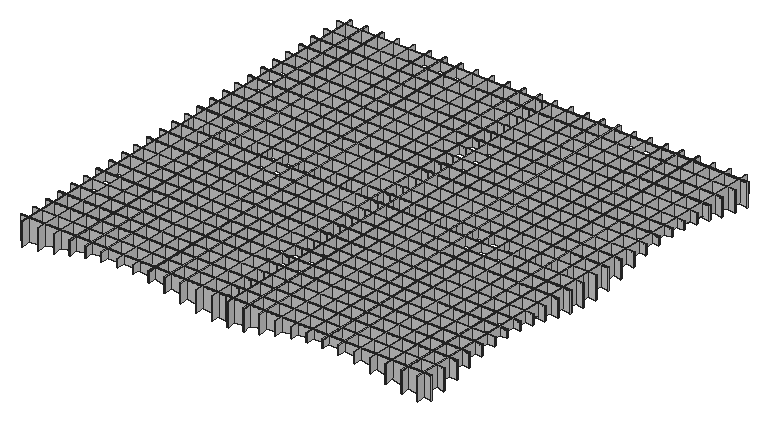
Revit family "CLD-WFL-002_RFA", category Modelos genéricos, Revit 2022 (continued)
Forms (in)
  Extrusion 70, solid, not visible
    sketch origin (0, 33.236, 0) x (1, 0, 0) y (0, 0, 1)
      loop
        spline (37.14578, 2.4093) -> (37.87194, 2.30632) -> (38.59907, 2.20751) -> (39.32723, 2.11315) -> (40.05647, 2.02349) -> (40.78684, 1.93878) -> (41.51831, 1.85902) -> (42.25083, 1.78415) -> (42.98434, 1.71406) -> (43.71879, 1.64869) -> (44.45413, 1.58794) -> (45.19029, 1.53174) -> (45.92722, 1.47999)
        spline (45.92722, 1.47999) -> (46.57816, 1.44092) -> (47.22964, 1.40553) -> (47.88162, 1.37376) -> (48.53404, 1.34552) -> (49.18687, 1.32076) -> (49.84004, 1.2994) -> (50.49352, 1.28136) -> (51.14725, 1.26658) -> (51.80119, 1.25497) -> (52.45529, 1.24648) -> (53.1095, 1.24101) -> (53.76378, 1.23852)
        spline (53.76378, 1.23852) -> (54.49695, 1.24145) -> (55.23005, 1.2477) -> (55.96302, 1.25736) -> (56.69581, 1.2705) -> (57.42836, 1.2872) -> (58.16063, 1.30755) -> (58.89256, 1.33163) -> (59.62409, 1.35951) -> (60.35518, 1.39128) -> (61.08577, 1.42702) -> (61.8158, 1.46681) -> (62.54522, 1.51073)
        spline (62.54522, 1.51073) -> (63.20286, 1.5569) -> (63.85981, 1.60706) -> (64.51602, 1.66127) -> (65.17144, 1.7196) -> (65.82603, 1.78214) -> (66.47973, 1.84896) -> (67.1325, 1.92013) -> (67.78428, 1.99572) -> (68.43505, 2.07573) -> (69.08486, 2.15994) -> (69.73376, 2.24811) -> (70.38178, 2.34001)
        spline (70.38178, 2.34001) -> (71.11719, 2.45082) -> (71.85175, 2.56518) -> (72.58552, 2.6828) -> (73.31856, 2.80343) -> (74.05092, 2.92677) -> (74.78266, 3.05256) -> (75.51384, 3.1805) -> (76.2445, 3.31033) -> (76.97472, 3.44177) -> (77.70454, 3.57454) -> (78.43402, 3.70836) -> (79.16322, 3.84296)
        spline (79.16322, 3.84296) -> (79.81589, 3.96449) -> (80.46845, 4.08604) -> (81.12094, 4.20735) -> (81.77342, 4.32817) -> (82.42595, 4.44826) -> (83.07858, 4.56736) -> (83.73137, 4.68523) -> (84.38439, 4.80161) -> (85.03768, 4.91625) -> (85.6913, 5.02891) -> (86.34531, 5.13933) -> (86.99978, 5.24726)
        spline (86.99978, 5.24726) -> (87.72678, 5.36123) -> (88.45444, 5.47173) -> (89.18283, 5.57848) -> (89.91201, 5.68121) -> (90.64203, 5.77964) -> (91.37298, 5.87351) -> (92.10489, 5.96254) -> (92.83785, 6.04646) -> (93.5719, 6.125) -> (94.30712, 6.19789) -> (95.04356, 6.26486) -> (95.78122, 6.32579)
        spline (95.78122, 6.32579) -> (96.46987, 6.37175) -> (97.15943, 6.41238) -> (97.84985, 6.44778) -> (98.54104, 6.47801) -> (99.23294, 6.50316) -> (99.92548, 6.5233) -> (100.61859, 6.53851) -> (101.3122, 6.54886) -> (102.00624, 6.55445) -> (102.70063, 6.55534) -> (103.39532, 6.55161) -> (104.09022, 6.54334)
        spline (104.09022, 6.54334) -> (104.41609, 6.5372) -> (104.74197, 6.53005) -> (105.06787, 6.52189) -> (105.39376, 6.51274) -> (105.71965, 6.50259) -> (106.04553, 6.49146) -> (106.37138, 6.47935) -> (106.6972, 6.46628) -> (107.02298, 6.45226) -> (107.34871, 6.43729) -> (107.67439, 6.42139) -> (108, 6.40455)
        line (108, 6.40455) -> (108, 11.82144)
    from -0.11811 to 0
  Extrusion 71, solid, not visible
    sketch origin (0, 33.35411, 0) x (1, 0, 0) y (0, 0, 1)
      loop
        line (108, 11.82144) -> (0, 11.82144) -> (0, 6.40455)
        spline (0, 6.40455) -> (0.32561, 6.42139) -> (0.65129, 6.43729) -> (0.97702, 6.45226) -> (1.3028, 6.46628) -> (1.62862, 6.47935) -> (1.95447, 6.49146) -> (2.28035, 6.50259) -> (2.60624, 6.51274) -> (2.93213, 6.52189) -> (3.25803, 6.53005) -> (3.58391, 6.5372) -> (3.90978, 6.54334)
        spline (3.90978, 6.54334) -> (4.64427, 6.55011) -> (5.37852, 6.55208) -> (6.11244, 6.54917) -> (6.84598, 6.5413) -> (7.57905, 6.52839) -> (8.31157, 6.51035) -> (9.04349, 6.4871) -> (9.77471, 6.45856) -> (10.50517, 6.42465) -> (11.23479, 6.38528) -> (11.9635, 6.34038) -> (12.69122, 6.28985)
        spline (12.69122, 6.28985) -> (13.34952, 6.23514) -> (14.00673, 6.17505) -> (14.66285, 6.10968) -> (15.31792, 6.03926) -> (15.97202, 5.96405) -> (16.62518, 5.88427) -> (17.27747, 5.80017) -> (17.92894, 5.712) -> (18.57965, 5.62) -> (19.22966, 5.52441) -> (19.87902, 5.42547) -> (20.52778, 5.32343)
        spline (20.52778, 5.32343) -> (21.26115, 5.20293) -> (21.99402, 5.07965) -> (22.72645, 4.95385) -> (23.4585, 4.82583) -> (24.19025, 4.69586) -> (24.92176, 4.56423) -> (25.65308, 4.43121) -> (26.38429, 4.29709) -> (27.11544, 4.16214) -> (27.84661, 4.02665) -> (28.57785, 3.8909) -> (29.30922, 3.75516)
        spline (29.30922, 3.75516) -> (29.95995, 3.63466) -> (30.61094, 3.51485) -> (31.26223, 3.39599) -> (31.91387, 3.2783) -> (32.56591, 3.16206) -> (33.21841, 3.04749) -> (33.87141, 2.93486) -> (34.52497, 2.8244) -> (35.17914, 2.71637) -> (35.83396, 2.61101) -> (36.48949, 2.50857) -> (37.14578, 2.4093)
        spline (37.14578, 2.4093) -> (37.87194, 2.30632) -> (38.59907, 2.20751) -> (39.32723, 2.11315) -> (40.05647, 2.02349) -> (40.78684, 1.93878) -> (41.51831, 1.85902) -> (42.25083, 1.78415) -> (42.98434, 1.71406) -> (43.71879, 1.64869) -> (44.45413, 1.58794) -> (45.19029, 1.53174) -> (45.92722, 1.47999)
        spline (45.92722, 1.47999) -> (46.57816, 1.44092) -> (47.22964, 1.40553) -> (47.88162, 1.37376) -> (48.53404, 1.34552) -> (49.18687, 1.32076) -> (49.84004, 1.2994) -> (50.49352, 1.28136) -> (51.14725, 1.26658) -> (51.80119, 1.25497) -> (52.45529, 1.24648) -> (53.1095, 1.24101) -> (53.76378, 1.23852)
        spline (53.76378, 1.23852) -> (54.49695, 1.24145) -> (55.23005, 1.2477) -> (55.96302, 1.25736) -> (56.69581, 1.2705) -> (57.42836, 1.2872) -> (58.16063, 1.30755) -> (58.89256, 1.33163) -> (59.62409, 1.35951) -> (60.35518, 1.39128) -> (61.08577, 1.42702) -> (61.8158, 1.46681) -> (62.54522, 1.51073)
        spline (62.54522, 1.51073) -> (63.20286, 1.5569) -> (63.85981, 1.60706) -> (64.51602, 1.66127) -> (65.17144, 1.7196) -> (65.82603, 1.78214) -> (66.47973, 1.84896) -> (67.1325, 1.92013) -> (67.78428, 1.99572) -> (68.43505, 2.07573) -> (69.08486, 2.15994) -> (69.73376, 2.24811) -> (70.38178, 2.34001)
        spline (70.38178, 2.34001) -> (71.11719, 2.45082) -> (71.85175, 2.56518) -> (72.58552, 2.6828) -> (73.31856, 2.80343) -> (74.05092, 2.92677) -> (74.78266, 3.05256) -> (75.51384, 3.1805) -> (76.2445, 3.31033) -> (76.97472, 3.44177) -> (77.70454, 3.57454) -> (78.43402, 3.70836) -> (79.16322, 3.84296)
        spline (79.16322, 3.84296) -> (79.81589, 3.96449) -> (80.46845, 4.08604) -> (81.12094, 4.20735) -> (81.77342, 4.32817) -> (82.42595, 4.44826) -> (83.07858, 4.56736) -> (83.73137, 4.68523) -> (84.38439, 4.80161) -> (85.03768, 4.91625) -> (85.6913, 5.02891) -> (86.34531, 5.13933) -> (86.99978, 5.24726)
        spline (86.99978, 5.24726) -> (87.72678, 5.36123) -> (88.45444, 5.47173) -> (89.18283, 5.57848) -> (89.91201, 5.68121) -> (90.64203, 5.77964) -> (91.37298, 5.87351) -> (92.10489, 5.96254) -> (92.83785, 6.04646) -> (93.5719, 6.125) -> (94.30712, 6.19789) -> (95.04356, 6.26486) -> (95.78122, 6.32579)
        spline (95.78122, 6.32579) -> (96.46987, 6.37175) -> (97.15943, 6.41238) -> (97.84985, 6.44778) -> (98.54104, 6.47801) -> (99.23294, 6.50316) -> (99.92548, 6.5233) -> (100.61859, 6.53851) -> (101.3122, 6.54886) -> (102.00624, 6.55445) -> (102.70063, 6.55534) -> (103.39532, 6.55161) -> (104.09022, 6.54334)
        spline (104.09022, 6.54334) -> (104.41609, 6.5372) -> (104.74197, 6.53005) -> (105.06787, 6.52189) -> (105.39376, 6.51274) -> (105.71965, 6.50259) -> (106.04553, 6.49146) -> (106.37138, 6.47935) -> (106.6972, 6.46628) -> (107.02298, 6.45226) -> (107.34871, 6.43729) -> (107.67439, 6.42139) -> (108, 6.40455)
        line (108, 6.40455) -> (108, 11.82144)
    from -0.47244 to 0
  Extrusion 72, solid, not visible
    sketch origin (0, 41.545, 0) x (1, 0, 0) y (0, 0, 1)
      loop
        line (108, 11.82144) -> (0, 11.82144) -> (0, 7.49745)
        spline (0, 7.49745) -> (0.32561, 7.50061) -> (0.65129, 7.5028) -> (0.97702, 7.504) -> (1.3028, 7.50421) -> (1.62862, 7.5034) -> (1.95447, 7.50158) -> (2.28035, 7.49874) -> (2.60624, 7.49485) -> (2.93213, 7.48991) -> (3.25803, 7.48392) -> (3.58391, 7.47685) -> (3.90978, 7.46871)
        spline (3.90978, 7.46871) -> (4.64427, 7.44283) -> (5.37852, 7.41184) -> (6.11245, 7.37564) -> (6.84598, 7.33415) -> (7.57905, 7.28726) -> (8.31158, 7.23488) -> (9.04349, 7.17692) -> (9.77471, 7.11327) -> (10.50517, 7.04386) -> (11.23479, 6.96857) -> (11.9635, 6.88732) -> (12.69122, 6.80001)
        spline (12.69122, 6.80001) -> (13.34456, 6.71191) -> (13.99682, 6.61804) -> (14.64799, 6.5185) -> (15.29813, 6.41358) -> (15.94729, 6.30354) -> (16.59553, 6.18867) -> (17.2429, 6.06925) -> (17.88946, 5.94556) -> (18.53527, 5.81787) -> (19.18038, 5.68647) -> (19.82484, 5.55162) -> (20.46871, 5.41362)
        spline (20.46871, 5.41362) -> (21.20701, 5.25043) -> (21.94481, 5.08446) -> (22.68216, 4.91603) -> (23.41914, 4.74548) -> (24.15581, 4.57314) -> (24.89224, 4.39932) -> (25.62848, 4.22436) -> (26.36461, 4.04857) -> (27.10068, 3.8723) -> (27.83677, 3.69586) -> (28.57293, 3.51959) -> (29.30922, 3.3438)
        spline (29.30922, 3.3438) -> (29.95995, 3.18922) -> (30.61094, 3.03586) -> (31.26223, 2.884) -> (31.91387, 2.73392) -> (32.56591, 2.58591) -> (33.21841, 2.44027) -> (33.87141, 2.29726) -> (34.52497, 2.15719) -> (35.17914, 2.02034) -> (35.83396, 1.88699) -> (36.48949, 1.75744) -> (37.14578, 1.63196)
        spline (37.14578, 1.63196) -> (37.87194, 1.50186) -> (38.59907, 1.37703) -> (39.32723, 1.25779) -> (40.05647, 1.14445) -> (40.78684, 1.03728) -> (41.51831, 0.93629) -> (42.25083, 0.84139) -> (42.98434, 0.75249) -> (43.71879, 0.66948) -> (44.45413, 0.59228) -> (45.19029, 0.52078) -> (45.92722, 0.45488)
        spline (45.92722, 0.45488) -> (46.57816, 0.40504) -> (47.22964, 0.35985) -> (47.88162, 0.31924) -> (48.53404, 0.28312) -> (49.18687, 0.2514) -> (49.84004, 0.224) -> (50.49352, 0.20084) -> (51.14725, 0.18183) -> (51.80119, 0.1669) -> (52.45529, 0.15595) -> (53.1095, 0.14891) -> (53.76378, 0.14568)
        spline (53.76378, 0.14568) -> (54.49695, 0.14945) -> (55.23005, 0.1575) -> (55.96302, 0.16993) -> (56.69581, 0.18682) -> (57.42837, 0.20828) -> (58.16064, 0.23439) -> (58.89257, 0.26525) -> (59.6241, 0.30095) -> (60.35518, 0.34158) -> (61.08577, 0.38725) -> (61.8158, 0.43804) -> (62.54522, 0.49405)
        spline (62.54522, 0.49405) -> (63.20286, 0.55285) -> (63.85981, 0.61666) -> (64.51602, 0.68555) -> (65.17144, 0.75961) -> (65.82603, 0.83894) -> (66.47973, 0.92362) -> (67.1325, 1.01374) -> (67.78428, 1.10938) -> (68.43505, 1.21052) -> (69.08486, 1.31692) -> (69.73376, 1.42831) -> (70.38178, 1.54441)
        spline (70.38178, 1.54441) -> (71.11719, 1.68452) -> (71.85174, 1.82919) -> (72.58551, 1.97812) -> (73.31855, 2.13097) -> (74.05091, 2.28743) -> (74.78265, 2.44718) -> (75.51383, 2.60988) -> (76.24449, 2.77524) -> (76.97471, 2.94291) -> (77.70453, 3.11258) -> (78.43402, 3.28394) -> (79.16322, 3.45665)
        spline (79.16322, 3.45665) -> (79.81589, 3.61318) -> (80.46845, 3.77015) -> (81.12094, 3.92726) -> (81.77342, 4.08422) -> (82.42595, 4.24075) -> (83.07858, 4.39655) -> (83.73137, 4.55134) -> (84.38439, 4.70482) -> (85.03768, 4.85671) -> (85.6913, 5.00672) -> (86.34531, 5.15455) -> (86.99978, 5.29992)
        spline (86.99978, 5.29992) -> (87.72678, 5.4553) -> (88.45445, 5.60712) -> (89.18284, 5.75506) -> (89.91202, 5.8988) -> (90.64204, 6.03803) -> (91.37299, 6.17243) -> (92.1049, 6.3017) -> (92.83786, 6.42551) -> (93.57191, 6.54354) -> (94.30712, 6.6555) -> (95.04356, 6.76106) -> (95.78122, 6.8601)
        spline (95.78122, 6.8601) -> (96.43065, 6.93786) -> (97.08095, 7.01021) -> (97.73207, 7.07724) -> (98.38393, 7.13903) -> (99.03648, 7.19567) -> (99.68963, 7.24723) -> (100.34334, 7.29382) -> (100.99753, 7.33551) -> (101.65213, 7.37238) -> (102.30709, 7.40452) -> (102.96233, 7.43202) -> (103.61778, 7.45496)
        spline (103.61778, 7.45496) -> (103.98301, 7.46494) -> (104.34826, 7.47372) -> (104.71353, 7.4813) -> (105.0788, 7.48768) -> (105.44406, 7.4929) -> (105.80931, 7.49695) -> (106.17454, 7.49984) -> (106.53973, 7.5016) -> (106.90488, 7.50223) -> (107.26998, 7.50173) -> (107.63503, 7.50014) -> (108, 7.49745)
        line (108, 7.49745) -> (108, 11.82144)
    from -0.11811 to 0
  Extrusion 73, solid, not visible
    sketch origin (0, 41.66311, 0) x (1, 0, 0) y (0, 0, 1)
      loop
        line (108, 11.82144) -> (0, 11.82144) -> (0, 7.49745)
        spline (0, 7.49745) -> (0.32561, 7.50061) -> (0.65129, 7.5028) -> (0.97702, 7.504) -> (1.3028, 7.50421) -> (1.62862, 7.5034) -> (1.95447, 7.50158) -> (2.28035, 7.49874) -> (2.60624, 7.49485) -> (2.93213, 7.48991) -> (3.25803, 7.48392) -> (3.58391, 7.47685) -> (3.90978, 7.46871)
        spline (3.90978, 7.46871) -> (4.64427, 7.44283) -> (5.37852, 7.41184) -> (6.11245, 7.37564) -> (6.84598, 7.33415) -> (7.57905, 7.28726) -> (8.31158, 7.23488) -> (9.04349, 7.17692) -> (9.77471, 7.11327) -> (10.50517, 7.04386) -> (11.23479, 6.96857) -> (11.9635, 6.88732) -> (12.69122, 6.80001)
        spline (12.69122, 6.80001) -> (13.34456, 6.71191) -> (13.99682, 6.61804) -> (14.64799, 6.5185) -> (15.29813, 6.41358) -> (15.94729, 6.30354) -> (16.59553, 6.18867) -> (17.2429, 6.06925) -> (17.88946, 5.94556) -> (18.53527, 5.81787) -> (19.18038, 5.68647) -> (19.82484, 5.55162) -> (20.46871, 5.41362)
        spline (20.46871, 5.41362) -> (21.20701, 5.25043) -> (21.94481, 5.08446) -> (22.68216, 4.91603) -> (23.41914, 4.74548) -> (24.15581, 4.57314) -> (24.89224, 4.39932) -> (25.62848, 4.22436) -> (26.36461, 4.04857) -> (27.10068, 3.8723) -> (27.83677, 3.69586) -> (28.57293, 3.51959) -> (29.30922, 3.3438)
        spline (29.30922, 3.3438) -> (29.95995, 3.18922) -> (30.61094, 3.03586) -> (31.26223, 2.884) -> (31.91387, 2.73392) -> (32.56591, 2.58591) -> (33.21841, 2.44027) -> (33.87141, 2.29726) -> (34.52497, 2.15719) -> (35.17914, 2.02034) -> (35.83396, 1.88699) -> (36.48949, 1.75744) -> (37.14578, 1.63196)
        spline (37.14578, 1.63196) -> (37.87194, 1.50186) -> (38.59907, 1.37703) -> (39.32723, 1.25779) -> (40.05647, 1.14445) -> (40.78684, 1.03728) -> (41.51831, 0.93629) -> (42.25083, 0.84139) -> (42.98434, 0.75249) -> (43.71879, 0.66948) -> (44.45413, 0.59228) -> (45.19029, 0.52078) -> (45.92722, 0.45488)
        spline (45.92722, 0.45488) -> (46.57816, 0.40504) -> (47.22964, 0.35985) -> (47.88162, 0.31924) -> (48.53404, 0.28312) -> (49.18687, 0.2514) -> (49.84004, 0.224) -> (50.49352, 0.20084) -> (51.14725, 0.18183) -> (51.80119, 0.1669) -> (52.45529, 0.15595) -> (53.1095, 0.14891) -> (53.76378, 0.14568)
        spline (53.76378, 0.14568) -> (54.49695, 0.14945) -> (55.23005, 0.1575) -> (55.96302, 0.16993) -> (56.69581, 0.18682) -> (57.42837, 0.20828) -> (58.16064, 0.23439) -> (58.89257, 0.26525) -> (59.6241, 0.30095) -> (60.35518, 0.34158) -> (61.08577, 0.38725) -> (61.8158, 0.43804) -> (62.54522, 0.49405)
        spline (62.54522, 0.49405) -> (63.20286, 0.55285) -> (63.85981, 0.61666) -> (64.51602, 0.68555) -> (65.17144, 0.75961) -> (65.82603, 0.83894) -> (66.47973, 0.92362) -> (67.1325, 1.01374) -> (67.78428, 1.10938) -> (68.43505, 1.21052) -> (69.08486, 1.31692) -> (69.73376, 1.42831) -> (70.38178, 1.54441)
        spline (70.38178, 1.54441) -> (71.11719, 1.68452) -> (71.85174, 1.82919) -> (72.58551, 1.97812) -> (73.31855, 2.13097) -> (74.05091, 2.28743) -> (74.78265, 2.44718) -> (75.51383, 2.60988) -> (76.24449, 2.77524) -> (76.97471, 2.94291) -> (77.70453, 3.11258) -> (78.43402, 3.28394) -> (79.16322, 3.45665)
        spline (79.16322, 3.45665) -> (79.81589, 3.61318) -> (80.46845, 3.77015) -> (81.12094, 3.92726) -> (81.77342, 4.08422) -> (82.42595, 4.24075) -> (83.07858, 4.39655) -> (83.73137, 4.55134) -> (84.38439, 4.70482) -> (85.03768, 4.85671) -> (85.6913, 5.00672) -> (86.34531, 5.15455) -> (86.99978, 5.29992)
        spline (86.99978, 5.29992) -> (87.72678, 5.4553) -> (88.45445, 5.60712) -> (89.18284, 5.75506) -> (89.91202, 5.8988) -> (90.64204, 6.03803) -> (91.37299, 6.17243) -> (92.1049, 6.3017) -> (92.83786, 6.42551) -> (93.57191, 6.54354) -> (94.30712, 6.6555) -> (95.04356, 6.76106) -> (95.78122, 6.8601)
        spline (95.78122, 6.8601) -> (96.43065, 6.93786) -> (97.08095, 7.01021) -> (97.73207, 7.07724) -> (98.38393, 7.13903) -> (99.03648, 7.19567) -> (99.68963, 7.24723) -> (100.34334, 7.29382) -> (100.99753, 7.33551) -> (101.65213, 7.37238) -> (102.30709, 7.40452) -> (102.96233, 7.43202) -> (103.61778, 7.45496)
        spline (103.61778, 7.45496) -> (103.98301, 7.46494) -> (104.34826, 7.47372) -> (104.71353, 7.4813) -> (105.0788, 7.48768) -> (105.44406, 7.4929) -> (105.80931, 7.49695) -> (106.17454, 7.49984) -> (106.53973, 7.5016) -> (106.90488, 7.50223) -> (107.26998, 7.50173) -> (107.63503, 7.50014) -> (108, 7.49745)
        line (108, 7.49745) -> (108, 11.82144)
    from -0.47244 to 0
  Extrusion 74, solid, not visible
    sketch origin (0, 49.854, 0) x (1, 0, 0) y (0, 0, 1)
      loop
        line (108, 11.82144) -> (0, 11.82144) -> (0, 7.82144)
        spline (0, 7.82144) -> (0.32561, 7.82095) -> (0.65129, 7.81946) -> (0.97702, 7.81696) -> (1.3028, 7.81344) -> (1.62862, 7.80889) -> (1.95447, 7.8033) -> (2.28035, 7.79666) -> (2.60624, 7.78896) -> (2.93213, 7.78018) -> (3.25803, 7.77032) -> (3.58391, 7.75937) -> (3.90978, 7.74731)
        spline (3.90978, 7.74731) -> (4.64427, 7.71242) -> (5.37852, 7.6723) -> (6.11245, 7.62684) -> (6.84598, 7.57595) -> (7.57905, 7.51952) -> (8.31158, 7.45747) -> (9.04349, 7.38968) -> (9.77471, 7.31607) -> (10.50517, 7.23653) -> (11.23479, 7.15095) -> (11.9635, 7.05926) -> (12.69122, 6.96133)
        spline (12.69122, 6.96133) -> (13.34952, 6.86267) -> (14.00673, 6.75803) -> (14.66285, 6.64752) -> (15.31792, 6.53144) -> (15.97202, 6.41007) -> (16.62518, 6.28371) -> (17.27747, 6.15266) -> (17.92894, 6.0172) -> (18.57965, 5.87763) -> (19.22966, 5.73424) -> (19.87902, 5.58733) -> (20.52778, 5.43719)
        spline (20.52778, 5.43719) -> (21.26115, 5.26223) -> (21.99402, 5.08449) -> (22.72645, 4.90432) -> (23.4585, 4.72204) -> (24.19025, 4.53802) -> (24.92176, 4.35257) -> (25.65308, 4.16604) -> (26.38429, 3.97878) -> (27.11545, 3.79111) -> (27.84661, 3.60337) -> (28.57785, 3.41592) -> (29.30922, 3.22908)
        spline (29.30922, 3.22908) -> (29.95995, 3.06408) -> (30.61094, 2.90045) -> (31.26223, 2.73848) -> (31.91387, 2.57847) -> (32.56591, 2.42072) -> (33.21841, 2.26553) -> (33.87141, 2.1132) -> (34.52497, 1.96402) -> (35.17914, 1.81831) -> (35.83396, 1.67635) -> (36.48949, 1.53845) -> (37.14578, 1.4049)
        spline (37.14578, 1.4049) -> (37.87194, 1.26645) -> (38.59907, 1.13361) -> (39.32723, 1.00672) -> (40.05647, 0.88609) -> (40.78684, 0.772) -> (41.51831, 0.66448) -> (42.25083, 0.56343) -> (42.98434, 0.46874) -> (43.71879, 0.38032) -> (44.45413, 0.29806) -> (45.19029, 0.22187) -> (45.92722, 0.15163)
        spline (45.92722, 0.15163) -> (46.57816, 0.09849) -> (47.22964, 0.0503) -> (47.88162, 0.00698) -> (48.53404, -0.03156) -> (49.18687, -0.06541) -> (49.84004, -0.09465) -> (50.49352, -0.11938) -> (51.14725, -0.13967) -> (51.80119, -0.15563) -> (52.45529, -0.16732) -> (53.1095, -0.17485) -> (53.76378, -0.1783)
        spline (53.76378, -0.1783) -> (54.49695, -0.17427) -> (55.23005, -0.16567) -> (55.96302, -0.1524) -> (56.69581, -0.13436) -> (57.42837, -0.11145) -> (58.16064, -0.08358) -> (58.89257, -0.05065) -> (59.6241, -0.01255) -> (60.35519, 0.0308) -> (61.08577, 0.07951) -> (61.8158, 0.13367) -> (62.54522, 0.19339)
        spline (62.54522, 0.19339) -> (63.20286, 0.25606) -> (63.85981, 0.32405) -> (64.51602, 0.39745) -> (65.17144, 0.47635) -> (65.82603, 0.56084) -> (66.47973, 0.65101) -> (67.1325, 0.74696) -> (67.78428, 0.84876) -> (68.43505, 0.95641) -> (69.08486, 1.06964) -> (69.73376, 1.18818) -> (70.38178, 1.31173)
        spline (70.38178, 1.31173) -> (71.11718, 1.46086) -> (71.85174, 1.61486) -> (72.58551, 1.77342) -> (73.31855, 1.93618) -> (74.05091, 2.10281) -> (74.78265, 2.27299) -> (75.51382, 2.44637) -> (76.24449, 2.62262) -> (76.97471, 2.8014) -> (77.70453, 2.98238) -> (78.43402, 3.16522) -> (79.16322, 3.34958)
        spline (79.16322, 3.34958) -> (79.81589, 3.5168) -> (80.46845, 3.68457) -> (81.12094, 3.85259) -> (81.77342, 4.02055) -> (82.42595, 4.18815) -> (83.07858, 4.35509) -> (83.73137, 4.52107) -> (84.38439, 4.68578) -> (85.03768, 4.84892) -> (85.6913, 5.01019) -> (86.34531, 5.16929) -> (86.99978, 5.32592)
        spline (86.99978, 5.32592) -> (87.72678, 5.49371) -> (88.45445, 5.65788) -> (89.18284, 5.8181) -> (89.91202, 5.97405) -> (90.64205, 6.12539) -> (91.37299, 6.27179) -> (92.10491, 6.41294) -> (92.83786, 6.54849) -> (93.57191, 6.67812) -> (94.30713, 6.8015) -> (95.04356, 6.9183) -> (95.78122, 7.02841)
        spline (95.78122, 7.02841) -> (96.43065, 7.11563) -> (97.08095, 7.1973) -> (97.73207, 7.2735) -> (98.38393, 7.34432) -> (99.03648, 7.40985) -> (99.68963, 7.47018) -> (100.34334, 7.52539) -> (100.99753, 7.57558) -> (101.65213, 7.62083) -> (102.30709, 7.66123) -> (102.96233, 7.69687) -> (103.61778, 7.72784)
        spline (103.61778, 7.72784) -> (103.98301, 7.74223) -> (104.34826, 7.75539) -> (104.71352, 7.76731) -> (105.07879, 7.77803) -> (105.44406, 7.78753) -> (105.80931, 7.79585) -> (106.17453, 7.80299) -> (106.53973, 7.80897) -> (106.90488, 7.81379) -> (107.26998, 7.81746) -> (107.63503, 7.82001) -> (108, 7.82144)
        line (108, 7.82144) -> (108, 11.82144)
    from -0.11811 to 0
  Extrusion 75, solid, not visible
    sketch origin (0, 49.97211, 0) x (1, 0, 0) y (0, 0, 1)
      loop
        line (108, 11.82144) -> (0, 11.82144) -> (0, 7.82144)
        spline (0, 7.82144) -> (0.32561, 7.82095) -> (0.65129, 7.81946) -> (0.97702, 7.81696) -> (1.3028, 7.81344) -> (1.62862, 7.80889) -> (1.95447, 7.8033) -> (2.28035, 7.79666) -> (2.60624, 7.78896) -> (2.93213, 7.78018) -> (3.25803, 7.77032) -> (3.58391, 7.75937) -> (3.90978, 7.74731)
        spline (3.90978, 7.74731) -> (4.64427, 7.71242) -> (5.37852, 7.6723) -> (6.11245, 7.62684) -> (6.84598, 7.57595) -> (7.57905, 7.51952) -> (8.31158, 7.45747) -> (9.04349, 7.38968) -> (9.77471, 7.31607) -> (10.50517, 7.23653) -> (11.23479, 7.15095) -> (11.9635, 7.05926) -> (12.69122, 6.96133)
        spline (12.69122, 6.96133) -> (13.34952, 6.86267) -> (14.00673, 6.75803) -> (14.66285, 6.64752) -> (15.31792, 6.53144) -> (15.97202, 6.41007) -> (16.62518, 6.28371) -> (17.27747, 6.15266) -> (17.92894, 6.0172) -> (18.57965, 5.87763) -> (19.22966, 5.73424) -> (19.87902, 5.58733) -> (20.52778, 5.43719)
        spline (20.52778, 5.43719) -> (21.26115, 5.26223) -> (21.99402, 5.08449) -> (22.72645, 4.90432) -> (23.4585, 4.72204) -> (24.19025, 4.53802) -> (24.92176, 4.35257) -> (25.65308, 4.16604) -> (26.38429, 3.97878) -> (27.11545, 3.79111) -> (27.84661, 3.60337) -> (28.57785, 3.41592) -> (29.30922, 3.22908)
        spline (29.30922, 3.22908) -> (29.95995, 3.06408) -> (30.61094, 2.90045) -> (31.26223, 2.73848) -> (31.91387, 2.57847) -> (32.56591, 2.42072) -> (33.21841, 2.26553) -> (33.87141, 2.1132) -> (34.52497, 1.96402) -> (35.17914, 1.81831) -> (35.83396, 1.67635) -> (36.48949, 1.53845) -> (37.14578, 1.4049)
        spline (37.14578, 1.4049) -> (37.87194, 1.26645) -> (38.59907, 1.13361) -> (39.32723, 1.00672) -> (40.05647, 0.88609) -> (40.78684, 0.772) -> (41.51831, 0.66448) -> (42.25083, 0.56343) -> (42.98434, 0.46874) -> (43.71879, 0.38032) -> (44.45413, 0.29806) -> (45.19029, 0.22187) -> (45.92722, 0.15163)
        spline (45.92722, 0.15163) -> (46.57816, 0.09849) -> (47.22964, 0.0503) -> (47.88162, 0.00698) -> (48.53404, -0.03156) -> (49.18687, -0.06541) -> (49.84004, -0.09465) -> (50.49352, -0.11938) -> (51.14725, -0.13967) -> (51.80119, -0.15563) -> (52.45529, -0.16732) -> (53.1095, -0.17485) -> (53.76378, -0.1783)
        spline (53.76378, -0.1783) -> (54.49695, -0.17427) -> (55.23005, -0.16567) -> (55.96302, -0.1524) -> (56.69581, -0.13436) -> (57.42837, -0.11145) -> (58.16064, -0.08358) -> (58.89257, -0.05065) -> (59.6241, -0.01255) -> (60.35519, 0.0308) -> (61.08577, 0.07951) -> (61.8158, 0.13367) -> (62.54522, 0.19339)
        spline (62.54522, 0.19339) -> (63.20286, 0.25606) -> (63.85981, 0.32405) -> (64.51602, 0.39745) -> (65.17144, 0.47635) -> (65.82603, 0.56084) -> (66.47973, 0.65101) -> (67.1325, 0.74696) -> (67.78428, 0.84876) -> (68.43505, 0.95641) -> (69.08486, 1.06964) -> (69.73376, 1.18818) -> (70.38178, 1.31173)
        spline (70.38178, 1.31173) -> (71.11718, 1.46086) -> (71.85174, 1.61486) -> (72.58551, 1.77342) -> (73.31855, 1.93618) -> (74.05091, 2.10281) -> (74.78265, 2.27299) -> (75.51382, 2.44637) -> (76.24449, 2.62262) -> (76.97471, 2.8014) -> (77.70453, 2.98238) -> (78.43402, 3.16522) -> (79.16322, 3.34958)
        spline (79.16322, 3.34958) -> (79.81589, 3.5168) -> (80.46845, 3.68457) -> (81.12094, 3.85259) -> (81.77342, 4.02055) -> (82.42595, 4.18815) -> (83.07858, 4.35509) -> (83.73137, 4.52107) -> (84.38439, 4.68578) -> (85.03768, 4.84892) -> (85.6913, 5.01019) -> (86.34531, 5.16929) -> (86.99978, 5.32592)
        spline (86.99978, 5.32592) -> (87.72678, 5.49371) -> (88.45445, 5.65788) -> (89.18284, 5.8181) -> (89.91202, 5.97405) -> (90.64205, 6.12539) -> (91.37299, 6.27179) -> (92.10491, 6.41294) -> (92.83786, 6.54849) -> (93.57191, 6.67812) -> (94.30713, 6.8015) -> (95.04356, 6.9183) -> (95.78122, 7.02841)
        spline (95.78122, 7.02841) -> (96.43065, 7.11563) -> (97.08095, 7.1973) -> (97.73207, 7.2735) -> (98.38393, 7.34432) -> (99.03648, 7.40985) -> (99.68963, 7.47018) -> (100.34334, 7.52539) -> (100.99753, 7.57558) -> (101.65213, 7.62083) -> (102.30709, 7.66123) -> (102.96233, 7.69687) -> (103.61778, 7.72784)
        spline (103.61778, 7.72784) -> (103.98301, 7.74223) -> (104.34826, 7.75539) -> (104.71352, 7.76731) -> (105.07879, 7.77803) -> (105.44406, 7.78753) -> (105.80931, 7.79585) -> (106.17453, 7.80299) -> (106.53973, 7.80897) -> (106.90488, 7.81379) -> (107.26998, 7.81746) -> (107.63503, 7.82001) -> (108, 7.82144)
        line (108, 7.82144) -> (108, 11.82144)
    from -0.47244 to 0
  Extrusion 76, solid, not visible
    sketch origin (0, 50.44455, 0) x (1, 0, 0) y (0, 0, 1)
      loop
        line (108, 11.82144) -> (0, 11.82144) -> (0, 7.82144)
        spline (0, 7.82144) -> (0.32561, 7.82095) -> (0.65129, 7.81946) -> (0.97702, 7.81696) -> (1.3028, 7.81344) -> (1.62862, 7.80889) -> (1.95447, 7.8033) -> (2.28035, 7.79666) -> (2.60624, 7.78896) -> (2.93213, 7.78018) -> (3.25803, 7.77032) -> (3.58391, 7.75937) -> (3.90978, 7.74731)
        spline (3.90978, 7.74731) -> (4.64427, 7.71242) -> (5.37852, 7.6723) -> (6.11245, 7.62684) -> (6.84598, 7.57595) -> (7.57905, 7.51952) -> (8.31158, 7.45747) -> (9.04349, 7.38968) -> (9.77471, 7.31607) -> (10.50517, 7.23653) -> (11.23479, 7.15095) -> (11.9635, 7.05926) -> (12.69122, 6.96133)
        spline (12.69122, 6.96133) -> (13.34952, 6.86267) -> (14.00673, 6.75803) -> (14.66285, 6.64752) -> (15.31792, 6.53144) -> (15.97202, 6.41007) -> (16.62518, 6.28371) -> (17.27747, 6.15266) -> (17.92894, 6.0172) -> (18.57965, 5.87763) -> (19.22966, 5.73424) -> (19.87902, 5.58733) -> (20.52778, 5.43719)
        spline (20.52778, 5.43719) -> (21.26115, 5.26223) -> (21.99402, 5.08449) -> (22.72645, 4.90432) -> (23.4585, 4.72204) -> (24.19025, 4.53802) -> (24.92176, 4.35257) -> (25.65308, 4.16604) -> (26.38429, 3.97878) -> (27.11545, 3.79111) -> (27.84661, 3.60337) -> (28.57785, 3.41592) -> (29.30922, 3.22908)
        spline (29.30922, 3.22908) -> (29.95995, 3.06408) -> (30.61094, 2.90045) -> (31.26223, 2.73848) -> (31.91387, 2.57847) -> (32.56591, 2.42072) -> (33.21841, 2.26553) -> (33.87141, 2.1132) -> (34.52497, 1.96402) -> (35.17914, 1.81831) -> (35.83396, 1.67635) -> (36.48949, 1.53845) -> (37.14578, 1.4049)
        spline (37.14578, 1.4049) -> (37.87194, 1.26645) -> (38.59907, 1.13361) -> (39.32723, 1.00672) -> (40.05647, 0.88609) -> (40.78684, 0.772) -> (41.51831, 0.66448) -> (42.25083, 0.56343) -> (42.98434, 0.46874) -> (43.71879, 0.38032) -> (44.45413, 0.29806) -> (45.19029, 0.22187) -> (45.92722, 0.15163)
        spline (45.92722, 0.15163) -> (46.57816, 0.09849) -> (47.22964, 0.0503) -> (47.88162, 0.00698) -> (48.53404, -0.03156) -> (49.18687, -0.06541) -> (49.84004, -0.09465) -> (50.49352, -0.11938) -> (51.14725, -0.13967) -> (51.80119, -0.15563) -> (52.45529, -0.16732) -> (53.1095, -0.17485) -> (53.76378, -0.1783)
        spline (53.76378, -0.1783) -> (54.49695, -0.17427) -> (55.23005, -0.16567) -> (55.96302, -0.1524) -> (56.69581, -0.13436) -> (57.42837, -0.11145) -> (58.16064, -0.08358) -> (58.89257, -0.05065) -> (59.6241, -0.01255) -> (60.35519, 0.0308) -> (61.08577, 0.07951) -> (61.8158, 0.13367) -> (62.54522, 0.19339)
        spline (62.54522, 0.19339) -> (63.20286, 0.25606) -> (63.85981, 0.32405) -> (64.51602, 0.39745) -> (65.17144, 0.47635) -> (65.82603, 0.56084) -> (66.47973, 0.65101) -> (67.1325, 0.74696) -> (67.78428, 0.84876) -> (68.43505, 0.95641) -> (69.08486, 1.06964) -> (69.73376, 1.18818) -> (70.38178, 1.31173)
        spline (70.38178, 1.31173) -> (71.11718, 1.46086) -> (71.85174, 1.61486) -> (72.58551, 1.77342) -> (73.31855, 1.93618) -> (74.05091, 2.10281) -> (74.78265, 2.27299) -> (75.51382, 2.44637) -> (76.24449, 2.62262) -> (76.97471, 2.8014) -> (77.70453, 2.98238) -> (78.43402, 3.16522) -> (79.16322, 3.34958)
        spline (79.16322, 3.34958) -> (79.81589, 3.5168) -> (80.46845, 3.68457) -> (81.12094, 3.85259) -> (81.77342, 4.02055) -> (82.42595, 4.18815) -> (83.07858, 4.35509) -> (83.73137, 4.52107) -> (84.38439, 4.68578) -> (85.03768, 4.84892) -> (85.6913, 5.01019) -> (86.34531, 5.16929) -> (86.99978, 5.32592)
        spline (86.99978, 5.32592) -> (87.72678, 5.49371) -> (88.45445, 5.65788) -> (89.18284, 5.8181) -> (89.91202, 5.97405) -> (90.64205, 6.12539) -> (91.37299, 6.27179) -> (92.10491, 6.41294) -> (92.83786, 6.54849) -> (93.57191, 6.67812) -> (94.30713, 6.8015) -> (95.04356, 6.9183) -> (95.78122, 7.02841)
        spline (95.78122, 7.02841) -> (96.43065, 7.11563) -> (97.08095, 7.1973) -> (97.73207, 7.2735) -> (98.38393, 7.34432) -> (99.03648, 7.40985) -> (99.68963, 7.47018) -> (100.34334, 7.52539) -> (100.99753, 7.57558) -> (101.65213, 7.62083) -> (102.30709, 7.66123) -> (102.96233, 7.69687) -> (103.61778, 7.72784)
        spline (103.61778, 7.72784) -> (103.98301, 7.74223) -> (104.34826, 7.75539) -> (104.71352, 7.76731) -> (105.07879, 7.77803) -> (105.44406, 7.78753) -> (105.80931, 7.79585) -> (106.17453, 7.80299) -> (106.53973, 7.80897) -> (106.90488, 7.81379) -> (107.26998, 7.81746) -> (107.63503, 7.82001) -> (108, 7.82144)
        line (108, 7.82144) -> (108, 11.82144)
    from -0.11811 to 0
  Extrusion 77, solid, not visible
    sketch origin (0, 42.13555, 0) x (1, 0, 0) y (0, 0, 1)
      loop
        line (108, 11.82144) -> (0, 11.82144) -> (0, 7.49745)
        spline (0, 7.49745) -> (0.32561, 7.50061) -> (0.65129, 7.5028) -> (0.97702, 7.504) -> (1.3028, 7.50421) -> (1.62862, 7.5034) -> (1.95447, 7.50158) -> (2.28035, 7.49874) -> (2.60624, 7.49485) -> (2.93213, 7.48991) -> (3.25803, 7.48392) -> (3.58391, 7.47685) -> (3.90978, 7.46871)
        spline (3.90978, 7.46871) -> (4.64427, 7.44283) -> (5.37852, 7.41184) -> (6.11245, 7.37564) -> (6.84598, 7.33415) -> (7.57905, 7.28726) -> (8.31158, 7.23488) -> (9.04349, 7.17692) -> (9.77471, 7.11327) -> (10.50517, 7.04386) -> (11.23479, 6.96857) -> (11.9635, 6.88732) -> (12.69122, 6.80001)
        spline (12.69122, 6.80001) -> (13.34456, 6.71191) -> (13.99682, 6.61804) -> (14.64799, 6.5185) -> (15.29813, 6.41358) -> (15.94729, 6.30354) -> (16.59553, 6.18867) -> (17.2429, 6.06925) -> (17.88946, 5.94556) -> (18.53527, 5.81787) -> (19.18038, 5.68647) -> (19.82484, 5.55162) -> (20.46871, 5.41362)
        spline (20.46871, 5.41362) -> (21.20701, 5.25043) -> (21.94481, 5.08446) -> (22.68216, 4.91603) -> (23.41914, 4.74548) -> (24.15581, 4.57314) -> (24.89224, 4.39932) -> (25.62848, 4.22436) -> (26.36461, 4.04857) -> (27.10068, 3.8723) -> (27.83677, 3.69586) -> (28.57293, 3.51959) -> (29.30922, 3.3438)
        spline (29.30922, 3.3438) -> (29.95995, 3.18922) -> (30.61094, 3.03586) -> (31.26223, 2.884) -> (31.91387, 2.73392) -> (32.56591, 2.58591) -> (33.21841, 2.44027) -> (33.87141, 2.29726) -> (34.52497, 2.15719) -> (35.17914, 2.02034) -> (35.83396, 1.88699) -> (36.48949, 1.75744) -> (37.14578, 1.63196)
        spline (37.14578, 1.63196) -> (37.87194, 1.50186) -> (38.59907, 1.37703) -> (39.32723, 1.25779) -> (40.05647, 1.14445) -> (40.78684, 1.03728) -> (41.51831, 0.93629) -> (42.25083, 0.84139) -> (42.98434, 0.75249) -> (43.71879, 0.66948) -> (44.45413, 0.59228) -> (45.19029, 0.52078) -> (45.92722, 0.45488)
        spline (45.92722, 0.45488) -> (46.57816, 0.40504) -> (47.22964, 0.35985) -> (47.88162, 0.31924) -> (48.53404, 0.28312) -> (49.18687, 0.2514) -> (49.84004, 0.224) -> (50.49352, 0.20084) -> (51.14725, 0.18183) -> (51.80119, 0.1669) -> (52.45529, 0.15595) -> (53.1095, 0.14891) -> (53.76378, 0.14568)
        spline (53.76378, 0.14568) -> (54.49695, 0.14945) -> (55.23005, 0.1575) -> (55.96302, 0.16993) -> (56.69581, 0.18682) -> (57.42837, 0.20828) -> (58.16064, 0.23439) -> (58.89257, 0.26525) -> (59.6241, 0.30095) -> (60.35518, 0.34158) -> (61.08577, 0.38725) -> (61.8158, 0.43804) -> (62.54522, 0.49405)
        spline (62.54522, 0.49405) -> (63.20286, 0.55285) -> (63.85981, 0.61666) -> (64.51602, 0.68555) -> (65.17144, 0.75961) -> (65.82603, 0.83894) -> (66.47973, 0.92362) -> (67.1325, 1.01374) -> (67.78428, 1.10938) -> (68.43505, 1.21052) -> (69.08486, 1.31692) -> (69.73376, 1.42831) -> (70.38178, 1.54441)
        spline (70.38178, 1.54441) -> (71.11719, 1.68452) -> (71.85174, 1.82919) -> (72.58551, 1.97812) -> (73.31855, 2.13097) -> (74.05091, 2.28743) -> (74.78265, 2.44718) -> (75.51383, 2.60988) -> (76.24449, 2.77524) -> (76.97471, 2.94291) -> (77.70453, 3.11258) -> (78.43402, 3.28394) -> (79.16322, 3.45665)
        spline (79.16322, 3.45665) -> (79.81589, 3.61318) -> (80.46845, 3.77015) -> (81.12094, 3.92726) -> (81.77342, 4.08422) -> (82.42595, 4.24075) -> (83.07858, 4.39655) -> (83.73137, 4.55134) -> (84.38439, 4.70482) -> (85.03768, 4.85671) -> (85.6913, 5.00672) -> (86.34531, 5.15455) -> (86.99978, 5.29992)
        spline (86.99978, 5.29992) -> (87.72678, 5.4553) -> (88.45445, 5.60712) -> (89.18284, 5.75506) -> (89.91202, 5.8988) -> (90.64204, 6.03803) -> (91.37299, 6.17243) -> (92.1049, 6.3017) -> (92.83786, 6.42551) -> (93.57191, 6.54354) -> (94.30712, 6.6555) -> (95.04356, 6.76106) -> (95.78122, 6.8601)
        spline (95.78122, 6.8601) -> (96.43065, 6.93786) -> (97.08095, 7.01021) -> (97.73207, 7.07724) -> (98.38393, 7.13903) -> (99.03648, 7.19567) -> (99.68963, 7.24723) -> (100.34334, 7.29382) -> (100.99753, 7.33551) -> (101.65213, 7.37238) -> (102.30709, 7.40452) -> (102.96233, 7.43202) -> (103.61778, 7.45496)
        spline (103.61778, 7.45496) -> (103.98301, 7.46494) -> (104.34826, 7.47372) -> (104.71353, 7.4813) -> (105.0788, 7.48768) -> (105.44406, 7.4929) -> (105.80931, 7.49695) -> (106.17454, 7.49984) -> (106.53973, 7.5016) -> (106.90488, 7.50223) -> (107.26998, 7.50173) -> (107.63503, 7.50014) -> (108, 7.49745)
        line (108, 7.49745) -> (108, 11.82144)
    from -0.11811 to 0
  Extrusion 78, solid, not visible
    sketch origin (0, 33.82655, 0) x (1, 0, 0) y (0, 0, 1)
      loop
        line (108, 11.82144) -> (0, 11.82144) -> (0, 6.40455)
        spline (0, 6.40455) -> (0.32561, 6.42139) -> (0.65129, 6.43729) -> (0.97702, 6.45226) -> (1.3028, 6.46628) -> (1.62862, 6.47935) -> (1.95447, 6.49146) -> (2.28035, 6.50259) -> (2.60624, 6.51274) -> (2.93213, 6.52189) -> (3.25803, 6.53005) -> (3.58391, 6.5372) -> (3.90978, 6.54334)
        spline (3.90978, 6.54334) -> (4.64427, 6.55011) -> (5.37852, 6.55208) -> (6.11244, 6.54917) -> (6.84598, 6.5413) -> (7.57905, 6.52839) -> (8.31157, 6.51035) -> (9.04349, 6.4871) -> (9.77471, 6.45856) -> (10.50517, 6.42465) -> (11.23479, 6.38528) -> (11.9635, 6.34038) -> (12.69122, 6.28985)
        spline (12.69122, 6.28985) -> (13.34952, 6.23514) -> (14.00673, 6.17505) -> (14.66285, 6.10968) -> (15.31792, 6.03926) -> (15.97202, 5.96405) -> (16.62518, 5.88427) -> (17.27747, 5.80017) -> (17.92894, 5.712) -> (18.57965, 5.62) -> (19.22966, 5.52441) -> (19.87902, 5.42547) -> (20.52778, 5.32343)
        spline (20.52778, 5.32343) -> (21.26115, 5.20293) -> (21.99402, 5.07965) -> (22.72645, 4.95385) -> (23.4585, 4.82583) -> (24.19025, 4.69586) -> (24.92176, 4.56423) -> (25.65308, 4.43121) -> (26.38429, 4.29709) -> (27.11544, 4.16214) -> (27.84661, 4.02665) -> (28.57785, 3.8909) -> (29.30922, 3.75516)
        spline (29.30922, 3.75516) -> (29.95995, 3.63466) -> (30.61094, 3.51485) -> (31.26223, 3.39599) -> (31.91387, 3.2783) -> (32.56591, 3.16206) -> (33.21841, 3.04749) -> (33.87141, 2.93486) -> (34.52497, 2.8244) -> (35.17914, 2.71637) -> (35.83396, 2.61101) -> (36.48949, 2.50857) -> (37.14578, 2.4093)
        spline (37.14578, 2.4093) -> (37.87194, 2.30632) -> (38.59907, 2.20751) -> (39.32723, 2.11315) -> (40.05647, 2.02349) -> (40.78684, 1.93878) -> (41.51831, 1.85902) -> (42.25083, 1.78415) -> (42.98434, 1.71406) -> (43.71879, 1.64869) -> (44.45413, 1.58794) -> (45.19029, 1.53174) -> (45.92722, 1.47999)
        spline (45.92722, 1.47999) -> (46.57816, 1.44092) -> (47.22964, 1.40553) -> (47.88162, 1.37376) -> (48.53404, 1.34552) -> (49.18687, 1.32076) -> (49.84004, 1.2994) -> (50.49352, 1.28136) -> (51.14725, 1.26658) -> (51.80119, 1.25497) -> (52.45529, 1.24648) -> (53.1095, 1.24101) -> (53.76378, 1.23852)
        spline (53.76378, 1.23852) -> (54.49695, 1.24145) -> (55.23005, 1.2477) -> (55.96302, 1.25736) -> (56.69581, 1.2705) -> (57.42836, 1.2872) -> (58.16063, 1.30755) -> (58.89256, 1.33163) -> (59.62409, 1.35951) -> (60.35518, 1.39128) -> (61.08577, 1.42702) -> (61.8158, 1.46681) -> (62.54522, 1.51073)
        spline (62.54522, 1.51073) -> (63.20286, 1.5569) -> (63.85981, 1.60706) -> (64.51602, 1.66127) -> (65.17144, 1.7196) -> (65.82603, 1.78214) -> (66.47973, 1.84896) -> (67.1325, 1.92013) -> (67.78428, 1.99572) -> (68.43505, 2.07573) -> (69.08486, 2.15994) -> (69.73376, 2.24811) -> (70.38178, 2.34001)
        spline (70.38178, 2.34001) -> (71.11719, 2.45082) -> (71.85175, 2.56518) -> (72.58552, 2.6828) -> (73.31856, 2.80343) -> (74.05092, 2.92677) -> (74.78266, 3.05256) -> (75.51384, 3.1805) -> (76.2445, 3.31033) -> (76.97472, 3.44177) -> (77.70454, 3.57454) -> (78.43402, 3.70836) -> (79.16322, 3.84296)
        spline (79.16322, 3.84296) -> (79.81589, 3.96449) -> (80.46845, 4.08604) -> (81.12094, 4.20735) -> (81.77342, 4.32817) -> (82.42595, 4.44826) -> (83.07858, 4.56736) -> (83.73137, 4.68523) -> (84.38439, 4.80161) -> (85.03768, 4.91625) -> (85.6913, 5.02891) -> (86.34531, 5.13933) -> (86.99978, 5.24726)
        spline (86.99978, 5.24726) -> (87.72678, 5.36123) -> (88.45444, 5.47173) -> (89.18283, 5.57848) -> (89.91201, 5.68121) -> (90.64203, 5.77964) -> (91.37298, 5.87351) -> (92.10489, 5.96254) -> (92.83785, 6.04646) -> (93.5719, 6.125) -> (94.30712, 6.19789) -> (95.04356, 6.26486) -> (95.78122, 6.32579)
        spline (95.78122, 6.32579) -> (96.46987, 6.37175) -> (97.15943, 6.41238) -> (97.84985, 6.44778) -> (98.54104, 6.47801) -> (99.23294, 6.50316) -> (99.92548, 6.5233) -> (100.61859, 6.53851) -> (101.3122, 6.54886) -> (102.00624, 6.55445) -> (102.70063, 6.55534) -> (103.39532, 6.55161) -> (104.09022, 6.54334)
        spline (104.09022, 6.54334) -> (104.41609, 6.5372) -> (104.74197, 6.53005) -> (105.06787, 6.52189) -> (105.39376, 6.51274) -> (105.71965, 6.50259) -> (106.04553, 6.49146) -> (106.37138, 6.47935) -> (106.6972, 6.46628) -> (107.02298, 6.45226) -> (107.34871, 6.43729) -> (107.67439, 6.42139) -> (108, 6.40455)
        line (108, 6.40455) -> (108, 11.82144)
    from -0.11811 to 0
  Extrusion 79, solid, not visible
    sketch origin (0, 25.51755, 0) x (1, 0, 0) y (0, 0, 1)
      loop
        line (108, 11.82144) -> (0, 11.82144) -> (0, 4.58891)
        spline (0, 4.58891) -> (0.32561, 4.62796) -> (0.65129, 4.66617) -> (0.97702, 4.70353) -> (1.3028, 4.74004) -> (1.62862, 4.77569) -> (1.95447, 4.81048) -> (2.28035, 4.84439) -> (2.60624, 4.87743) -> (2.93213, 4.90957) -> (3.25803, 4.94083) -> (3.58391, 4.97119) -> (3.90978, 5.00064)
        spline (3.90978, 5.00064) -> (4.64427, 5.06081) -> (5.37851, 5.11675) -> (6.11244, 5.16838) -> (6.84597, 5.21566) -> (7.57904, 5.25851) -> (8.31157, 5.29688) -> (9.04348, 5.33072) -> (9.7747, 5.35995) -> (10.50516, 5.38452) -> (11.23478, 5.40437) -> (11.96349, 5.41944) -> (12.69122, 5.42966)
        spline (12.69122, 5.42966) -> (13.34952, 5.43128) -> (14.00673, 5.42829) -> (14.66285, 5.42076) -> (15.31792, 5.40886) -> (15.97202, 5.39278) -> (16.62518, 5.37269) -> (17.27747, 5.34877) -> (17.92894, 5.32119) -> (18.57965, 5.29014) -> (19.22966, 5.2558) -> (19.87902, 5.21833) -> (20.52778, 5.17793)
        spline (20.52778, 5.17793) -> (21.26115, 5.12722) -> (21.99402, 5.0737) -> (22.72645, 5.01759) -> (23.45851, 4.95908) -> (24.19025, 4.89838) -> (24.92176, 4.8357) -> (25.65308, 4.77124) -> (26.38429, 4.70521) -> (27.11544, 4.63782) -> (27.84661, 4.56926) -> (28.57785, 4.49975) -> (29.30922, 4.42949)
        spline (29.30922, 4.42949) -> (29.95995, 4.366) -> (30.61094, 4.30234) -> (31.26223, 4.2387) -> (31.91387, 4.17525) -> (32.56591, 4.11218) -> (33.21841, 4.04966) -> (33.87141, 3.98789) -> (34.52497, 3.92703) -> (35.17914, 3.86728) -> (35.83396, 3.80881) -> (36.48949, 3.75181) -> (37.14578, 3.69645)
        spline (37.14578, 3.69645) -> (37.87194, 3.63892) -> (38.59907, 3.58371) -> (39.32723, 3.53102) -> (40.05647, 3.48105) -> (40.78684, 3.43397) -> (41.51831, 3.38979) -> (42.25083, 3.34845) -> (42.98434, 3.30989) -> (43.7188, 3.27405) -> (44.45413, 3.24086) -> (45.19029, 3.21027) -> (45.92722, 3.18221)
        spline (45.92722, 3.18221) -> (46.57816, 3.16116) -> (47.22964, 3.14217) -> (47.88162, 3.12519) -> (48.53404, 3.11017) -> (49.18687, 3.09705) -> (49.84004, 3.08579) -> (50.49352, 3.07632) -> (51.14725, 3.06859) -> (51.80119, 3.06255) -> (52.45529, 3.05816) -> (53.1095, 3.05535) -> (53.76378, 3.05407)
        spline (53.76378, 3.05407) -> (54.49695, 3.0556) -> (55.23004, 3.05885) -> (55.96301, 3.06387) -> (56.6958, 3.07073) -> (57.42836, 3.07948) -> (58.16062, 3.09019) -> (58.89255, 3.10292) -> (59.62409, 3.11771) -> (60.35517, 3.13464) -> (61.08576, 3.15376) -> (61.81579, 3.17514) -> (62.54522, 3.19882)
        spline (62.54522, 3.19882) -> (63.20286, 3.22386) -> (63.85981, 3.25117) -> (64.51602, 3.28078) -> (65.17144, 3.31277) -> (65.82603, 3.34719) -> (66.47973, 3.38408) -> (67.1325, 3.42351) -> (67.78428, 3.46553) -> (68.43505, 3.51013) -> (69.08486, 3.55715) -> (69.73376, 3.60642) -> (70.38178, 3.65777)
        spline (70.38178, 3.65777) -> (71.1172, 3.71948) -> (71.85176, 3.78304) -> (72.58554, 3.84824) -> (73.31858, 3.91488) -> (74.05094, 3.98275) -> (74.78268, 4.05166) -> (75.51385, 4.12139) -> (76.24452, 4.19176) -> (76.97473, 4.26254) -> (77.70455, 4.33354) -> (78.43403, 4.40456) -> (79.16322, 4.47539)
        spline (79.16322, 4.47539) -> (79.80403, 4.53723) -> (80.44473, 4.59841) -> (81.08536, 4.65876) -> (81.72599, 4.7181) -> (82.36666, 4.77623) -> (83.00743, 4.83299) -> (83.64836, 4.88819) -> (84.28951, 4.94166) -> (84.93093, 4.9932) -> (85.57267, 5.04265) -> (86.21481, 5.08982) -> (86.85738, 5.13453)
        spline (86.85738, 5.13453) -> (87.59614, 5.18092) -> (88.33559, 5.22395) -> (89.07577, 5.26344) -> (89.81676, 5.29917) -> (90.55862, 5.33094) -> (91.30141, 5.35856) -> (92.04519, 5.38181) -> (92.79004, 5.4005) -> (93.53601, 5.41442) -> (94.28316, 5.42338) -> (95.03157, 5.42716) -> (95.78122, 5.4257)
        spline (95.78122, 5.4257) -> (96.43065, 5.41648) -> (97.08095, 5.40294) -> (97.73207, 5.38513) -> (98.38393, 5.36311) -> (99.03648, 5.33693) -> (99.68963, 5.30665) -> (100.34334, 5.27231) -> (100.99753, 5.23398) -> (101.65213, 5.19169) -> (102.30709, 5.14552) -> (102.96233, 5.09551) -> (103.61778, 5.04172)
        spline (103.61778, 5.04172) -> (103.98301, 5.00943) -> (104.34827, 4.97613) -> (104.71354, 4.94182) -> (105.07881, 4.90651) -> (105.44407, 4.8702) -> (105.80932, 4.83291) -> (106.17455, 4.79465) -> (106.53974, 4.75541) -> (106.90489, 4.71521) -> (107.26999, 4.67406) -> (107.63503, 4.63196) -> (108, 4.58891)
        line (108, 4.58891) -> (108, 11.82144)
    from -0.11811 to 0
  Extrusion 80, solid, not visible
    sketch origin (0, 17.20855, 0) x (1, 0, 0) y (0, 0, 1)
      loop
        line (108, 11.82144) -> (0, 11.82144) -> (0, 2.55729)
        spline (0, 2.55729) -> (0.32561, 2.61504) -> (0.65129, 2.67215) -> (0.97702, 2.72862) -> (1.3028, 2.78445) -> (1.62862, 2.83963) -> (1.95447, 2.89415) -> (2.28035, 2.94802) -> (2.60624, 3.00123) -> (2.93213, 3.05379) -> (3.25803, 3.10567) -> (3.58391, 3.15689) -> (3.90978, 3.20744)
        spline (3.90978, 3.20744) -> (4.64427, 3.31686) -> (5.37851, 3.42317) -> (6.11243, 3.52634) -> (6.84596, 3.62635) -> (7.57903, 3.72316) -> (8.31156, 3.81675) -> (9.04347, 3.90709) -> (9.77469, 3.99415) -> (10.50515, 4.07789) -> (11.23478, 4.1583) -> (11.96349, 4.23534) -> (12.69122, 4.30898)
        spline (12.69122, 4.30898) -> (13.34952, 4.37039) -> (14.00673, 4.4286) -> (14.66285, 4.48364) -> (15.31792, 4.53559) -> (15.97202, 4.58455) -> (16.62518, 4.63059) -> (17.27747, 4.67381) -> (17.92894, 4.71429) -> (18.57965, 4.75212) -> (19.22966, 4.78738) -> (19.87902, 4.82016) -> (20.52778, 4.85054)
        spline (20.52778, 4.85054) -> (21.26115, 4.88062) -> (21.99402, 4.90823) -> (22.72646, 4.93347) -> (23.45851, 4.95644) -> (24.19026, 4.97724) -> (24.92176, 4.99598) -> (25.65309, 5.01275) -> (26.38429, 5.02764) -> (27.11545, 5.04077) -> (27.84661, 5.05223) -> (28.57785, 5.06211) -> (29.30922, 5.07053)
        spline (29.30922, 5.07053) -> (29.95995, 5.07584) -> (30.61094, 5.08009) -> (31.26223, 5.08336) -> (31.91387, 5.08574) -> (32.56591, 5.08733) -> (33.21841, 5.0882) -> (33.87141, 5.08846) -> (34.52497, 5.08817) -> (35.17914, 5.08744) -> (35.83396, 5.08636) -> (36.48949, 5.085) -> (37.14578, 5.08346)
        spline (37.14578, 5.08346) -> (37.87194, 5.08165) -> (38.59907, 5.0799) -> (39.32723, 5.0783) -> (40.05647, 5.07696) -> (40.78684, 5.07594) -> (41.51831, 5.07527) -> (42.25083, 5.07491) -> (42.98434, 5.07483) -> (43.7188, 5.075) -> (44.45413, 5.07538) -> (45.19029, 5.07596) -> (45.92722, 5.0767)
        spline (45.92722, 5.0767) -> (46.57816, 5.07753) -> (47.22964, 5.07843) -> (47.88162, 5.07937) -> (48.53404, 5.08033) -> (49.18687, 5.08128) -> (49.84004, 5.0822) -> (50.49352, 5.08306) -> (51.14725, 5.08383) -> (51.80119, 5.0845) -> (52.45529, 5.08503) -> (53.1095, 5.0854) -> (53.76378, 5.08558)
        spline (53.76378, 5.08558) -> (54.49695, 5.08542) -> (55.23004, 5.08505) -> (55.96301, 5.0845) -> (56.6958, 5.0838) -> (57.42835, 5.08298) -> (58.16062, 5.08206) -> (58.89255, 5.08107) -> (59.62408, 5.08005) -> (60.35517, 5.07902) -> (61.08576, 5.07801) -> (61.81579, 5.07705) -> (62.54522, 5.07616)
        spline (62.54522, 5.07616) -> (63.20286, 5.07551) -> (63.85981, 5.075) -> (64.51602, 5.07466) -> (65.17144, 5.07452) -> (65.82603, 5.0746) -> (66.47973, 5.07493) -> (67.1325, 5.07554) -> (67.78428, 5.07645) -> (68.43505, 5.07766) -> (69.08486, 5.07909) -> (69.73376, 5.08066) -> (70.38178, 5.08229)
        spline (70.38178, 5.08229) -> (71.1172, 5.08386) -> (71.85177, 5.08523) -> (72.58555, 5.08629) -> (73.31859, 5.08695) -> (74.05095, 5.08712) -> (74.78269, 5.08668) -> (75.51386, 5.08555) -> (76.24453, 5.08362) -> (76.97474, 5.08079) -> (77.70455, 5.07697) -> (78.43403, 5.07206) -> (79.16322, 5.06596)
        spline (79.16322, 5.06596) -> (79.81589, 5.05858) -> (80.46845, 5.04989) -> (81.12094, 5.0398) -> (81.77342, 5.02821) -> (82.42595, 5.01505) -> (83.07858, 5.00022) -> (83.73137, 4.98363) -> (84.38439, 4.9652) -> (85.03768, 4.94483) -> (85.6913, 4.92244) -> (86.34531, 4.89793) -> (86.99978, 4.87123)
        spline (86.99978, 4.87123) -> (87.72677, 4.83707) -> (88.45442, 4.80022) -> (89.18281, 4.7606) -> (89.91198, 4.7181) -> (90.642, 4.67263) -> (91.37294, 4.62408) -> (92.10486, 4.57237) -> (92.83781, 4.5174) -> (93.57187, 4.45907) -> (94.3071, 4.39728) -> (95.04355, 4.33194) -> (95.78122, 4.26301)
        spline (95.78122, 4.26301) -> (96.43065, 4.19725) -> (97.08095, 4.12847) -> (97.73207, 4.05667) -> (98.38393, 3.9819) -> (99.03648, 3.90417) -> (99.68963, 3.82352) -> (100.34334, 3.73996) -> (100.99753, 3.65352) -> (101.65213, 3.56424) -> (102.30709, 3.47213) -> (102.96233, 3.37722) -> (103.61778, 3.27954)
        spline (103.61778, 3.27954) -> (103.98302, 3.22342) -> (104.34828, 3.16655) -> (104.71355, 3.10893) -> (105.07882, 3.05057) -> (105.44409, 2.99146) -> (105.80934, 2.93162) -> (106.17456, 2.87105) -> (106.53976, 2.80974) -> (106.9049, 2.74771) -> (107.27, 2.68496) -> (107.63504, 2.62148) -> (108, 2.55729)
        line (108, 2.55729) -> (108, 11.82144)
    from -0.11811 to 0
  Extrusion 81, solid, not visible
    sketch origin (0, 8.89955, 0) x (1, 0, 0) y (0, 0, 1)
      loop
        line (108, 11.82144) -> (0, 11.82144) -> (0, 0.88375)
        spline (0, 0.88375) -> (0.32561, 0.94348) -> (0.65129, 1.00296) -> (0.97702, 1.06219) -> (1.3028, 1.12116) -> (1.62862, 1.1799) -> (1.95447, 1.23838) -> (2.28035, 1.29662) -> (2.60624, 1.35462) -> (2.93213, 1.41237) -> (3.25803, 1.46988) -> (3.58391, 1.52715) -> (3.90978, 1.58418)
        spline (3.90978, 1.58418) -> (4.64426, 1.71122) -> (5.37851, 1.8372) -> (6.11243, 1.96212) -> (6.84596, 2.086) -> (7.57903, 2.20885) -> (8.31155, 2.33067) -> (9.04347, 2.45149) -> (9.77469, 2.57131) -> (10.50515, 2.69014) -> (11.23478, 2.80798) -> (11.96349, 2.92486) -> (12.69122, 3.04079)
        spline (12.69122, 3.04079) -> (13.34952, 3.14441) -> (14.00673, 3.24717) -> (14.66285, 3.34906) -> (15.31792, 3.45005) -> (15.97202, 3.55011) -> (16.62518, 3.64921) -> (17.27747, 3.74732) -> (17.92894, 3.8444) -> (18.57965, 3.94043) -> (19.22966, 4.03537) -> (19.87902, 4.12919) -> (20.52778, 4.22187)
        spline (20.52778, 4.22187) -> (21.26116, 4.32437) -> (21.99403, 4.42546) -> (22.72646, 4.52511) -> (23.45852, 4.62328) -> (24.19027, 4.71993) -> (24.92177, 4.81503) -> (25.6531, 4.90854) -> (26.3843, 5.00042) -> (27.11545, 5.09065) -> (27.84662, 5.17918) -> (28.57786, 5.26598) -> (29.30922, 5.35101)
        spline (29.30922, 5.35101) -> (29.95995, 5.42391) -> (30.61094, 5.49516) -> (31.26223, 5.56472) -> (31.91387, 5.63257) -> (32.56591, 5.69867) -> (33.21841, 5.763) -> (33.87141, 5.82551) -> (34.52497, 5.88618) -> (35.17914, 5.94498) -> (35.83396, 6.00187) -> (36.48949, 6.05683) -> (37.14578, 6.10982)
        spline (37.14578, 6.10982) -> (37.87194, 6.16453) -> (38.59907, 6.21702) -> (39.32723, 6.26723) -> (40.05647, 6.31514) -> (40.78684, 6.36072) -> (41.51831, 6.40397) -> (42.25083, 6.44489) -> (42.98434, 6.4835) -> (43.71879, 6.51981) -> (44.45413, 6.55383) -> (45.19029, 6.58557) -> (45.92722, 6.61503)
        spline (45.92722, 6.61503) -> (46.57816, 6.6376) -> (47.22964, 6.65822) -> (47.88162, 6.67689) -> (48.53404, 6.69363) -> (49.18687, 6.70845) -> (49.84004, 6.72134) -> (50.49352, 6.73234) -> (51.14725, 6.74143) -> (51.80119, 6.74863) -> (52.45529, 6.75396) -> (53.1095, 6.75742) -> (53.76378, 6.75901)
        spline (53.76378, 6.75901) -> (54.49695, 6.7572) -> (55.23004, 6.75331) -> (55.96301, 6.74732) -> (56.6958, 6.73922) -> (57.42835, 6.72901) -> (58.16062, 6.71667) -> (58.89255, 6.7022) -> (59.62408, 6.68557) -> (60.35517, 6.66679) -> (61.08576, 6.64585) -> (61.81579, 6.62272) -> (62.54522, 6.59741)
        spline (62.54522, 6.59741) -> (63.20286, 6.57112) -> (63.85981, 6.54281) -> (64.51602, 6.51247) -> (65.17144, 6.48008) -> (65.82603, 6.44563) -> (66.47973, 6.40912) -> (67.1325, 6.37054) -> (67.78428, 6.32988) -> (68.43505, 6.28713) -> (69.08486, 6.24233) -> (69.73376, 6.19551) -> (70.38178, 6.14669)
        spline (70.38178, 6.14669) -> (71.1172, 6.08737) -> (71.85177, 6.02584) -> (72.58554, 5.96214) -> (73.31858, 5.89631) -> (74.05094, 5.82838) -> (74.78268, 5.75838) -> (75.51386, 5.68636) -> (76.24452, 5.61234) -> (76.97473, 5.53637) -> (77.70455, 5.45847) -> (78.43403, 5.37869) -> (79.16322, 5.29705)
        spline (79.16322, 5.29705) -> (79.81589, 5.22111) -> (80.46845, 5.14359) -> (81.12094, 5.06452) -> (81.77342, 4.98394) -> (82.42595, 4.90188) -> (83.07858, 4.81837) -> (83.73137, 4.73344) -> (84.38439, 4.64713) -> (85.03768, 4.55947) -> (85.6913, 4.47048) -> (86.34531, 4.3802) -> (86.99978, 4.28866)
        spline (86.99978, 4.28866) -> (87.72677, 4.18488) -> (88.45442, 4.07981) -> (89.1828, 3.97349) -> (89.91197, 3.86595) -> (90.64199, 3.75723) -> (91.37293, 3.64737) -> (92.10485, 3.53639) -> (92.8378, 3.42433) -> (93.57186, 3.31123) -> (94.30709, 3.19712) -> (95.04354, 3.08203) -> (95.78122, 2.96599)
        spline (95.78122, 2.96599) -> (96.4698, 2.85601) -> (97.15931, 2.74512) -> (97.84968, 2.63332) -> (98.54085, 2.52058) -> (99.23273, 2.40692) -> (99.92527, 2.2923) -> (100.61838, 2.17673) -> (101.31201, 2.06019) -> (102.00608, 1.94268) -> (102.70052, 1.82418) -> (103.39525, 1.70469) -> (104.09022, 1.58418)
